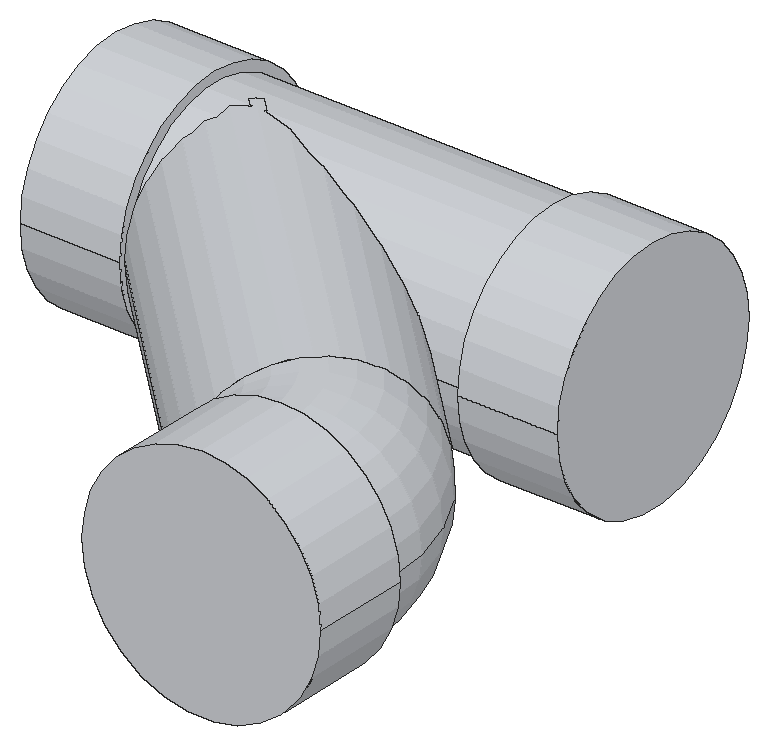
Revit family "acd59307a314497eade3ef36640dc4e2", category Pipe Fittings, Revit 2021
Family settings
  Round Connector Dimension = Use Radius
  Part Type = Tee
  OmniClass Number = 23.60.30.11.14
  OmniClass Title = Pipework Fittings
  Seek Item ID = Wye Combination with 8th Bend - PVC - Sch 40 - DWV-0000-USA-ENU
  Work Plane-Based = No
  Always vertical = Yes
  Cut with Voids When Loaded = No
  Shared = No
Parameters (values of type "Standard")
  Wall Thickness 2 [instance] = size_lookup(Lookup Table Name, "WThk", 0.02 * Nominal Diameter 2 + 33/256", Nominal Diameter 2)  # 0.281"
  Wall Thickness 1 [instance] = size_lookup(Lookup Table Name, "WThk", 0.02 * Nominal Diameter 1 + 33/256", Nominal Diameter 1)  # 0.281"
  Tick Size 2 [instance] = Fitting Outside Diameter 2 * 0.4  # 2.65"
  Tick Size 1 [instance] = Fitting Outside Diameter 1 * 0.4  # 2.65"
  Socket Outside Radius 2 [instance] = Socket Outside Diameter 2 / 2  # 3.6045"
  Socket Outside Radius 1 [instance] = Socket Outside Diameter 1 / 2  # 3.6045"
  Socket Outside Diameter 2 [instance] = Socket Entrance Diameter 2 + Wall Thickness 2 * 2  # 7.209"
  Socket Outside Diameter 1 [instance] = Socket Entrance Diameter 1 + Wall Thickness 1 * 2  # 7.209"
  Socket Entrance Diameter 2 [instance] = size_lookup(Lookup Table Name, "SED", 1.04 * Nominal Diameter 2 + 95/256", Nominal Diameter 2)  # 6.647"
  Socket Entrance Diameter 1 [instance] = size_lookup(Lookup Table Name, "SED", 1.04 * Nominal Diameter 1 + 95/256", Nominal Diameter 1)  # 6.647"
  Socket Depth 2 [instance] = size_lookup(Lookup Table Name, "SDpt", 0.5 * Nominal Diameter 2, Nominal Diameter 2)  # 3"
  Socket Depth 1 [instance] = size_lookup(Lookup Table Name, "SDpt", 0.5 * Nominal Diameter 1, Nominal Diameter 1)  # 3"
  Socket Bottom to Socket Bottom Run [instance] = size_lookup(Lookup Table Name, "SBtSBR", 3 1/2" + 0.56 * Nominal Diameter 1 + 0.68 * Nominal Diameter 2, Nominal Diameter 1, Nominal Diameter 2)  # 10.219"
  Nominal Radius 2 [instance] = 3"
  Nominal Radius 1 [instance] = 3"
  Nominal Diameter 2 [instance] = Nominal Radius 2 * 2  # 6"
  Nominal Diameter 1 [instance] = Nominal Radius 1 * 2  # 6"
  Loss Method = Not Defined
  Lookup Table Name = "Wye Combination with 8th Bend - PVC - Sch 40 - DWV"
  Length 1 [instance] = 180"  # constant formula
  Insertion Point 2 X [instance] = Center to Socket Bottom Branch * tan(90.00° - Angle 2) + Length 1  # 180"
  Insertion Point 1 X [instance] = Center to Socket Bottom Branch * tan(90.00° - Angle) + Length 1  # 180"
  Fitting Outside Radius 2 [instance] = Fitting Outside Diameter 2 / 2  # 3 5/16"
  Fitting Outside Radius 1 [instance] = Fitting Outside Diameter 1 / 2  # 3 5/16"
  Fitting Outside Diameter 2 [instance] = size_lookup(Lookup Table Name, "FOD", 1.04 * Nominal Diameter 2 + 23/64", Nominal Diameter 2)  # 6 5/8"
  Fitting Outside Diameter 1 [instance] = size_lookup(Lookup Table Name, "FOD", 1.04 * Nominal Diameter 1 + 23/64", Nominal Diameter 1)  # 6 5/8"
  Default Elevation = 0' - 0"
  Center to Socket Bottom Run [instance] = size_lookup(Lookup Table Name, "CtSBR", 1 31/64" + 0.82 * Nominal Diameter 1 + 0.76 * Nominal Diameter 2, Nominal Diameter 1, Nominal Diameter 2)  # 11.172"
  Center to Socket Bottom Branch [instance] = size_lookup(Lookup Table Name, "CtSBB", 1 147/256" + 1.02 * Nominal Diameter 1 + 0.56 * Nominal Diameter 2, Nominal Diameter 1, Nominal Diameter 2)  # 11.484"
  Center Radius [instance] = Socket Outside Radius 2 + 1/8"  # 3.7295"
  Center Point 2 Y [instance] = if(Angle 2 < 90.00°, Length 1 - Center Radius * sin(abs(90.00° - Angle 2)), if(Angle 2 = 90.00°, Length 1, Length 1 + Center Radius * sin(abs(90.00° - Angle 2))))  # 180"
  Center Point 2 X [instance] = Center Radius * cos(abs(90.00° - Angle 2))  # 3.7295"
  Center Point 1 Y [instance] = if(Angle < 90.00°, Length 1 - Center Radius * sin(abs(90.00° - Angle)), if(Angle = 90.00°, Length 1, Length 1 + Center Radius * sin(abs(90.00° - Angle))))  # 180"
  Center Point 1 X [instance] = Center Radius * cos(abs(90.00° - Angle))  # 3.7295"
  Branch Socket End Point 2 Y [instance] = Socket Depth 2 * sin(Angle 2)  # 3"
  Branch Socket End Point 2 X [instance] = Length 1 - Socket Depth 2 * cos(Angle 2)  # 180"
  Branch Length 2 Label [instance] = if(Branch Length 2 > 0", Branch Length 2, Socket Outside Radius 1 * 0.5)  # 12.51133"
  Branch Length 2 [instance] = (Center to Socket Bottom Branch - Arc End Point 2 Y) / sin(45.00°)  # 12.51133"
  Branch Length 1 Label [instance] = if(Branch Length 1 > 0", Branch Length 1, Socket Outside Radius 1 * 0.5)  # 12.51133"
  Branch Socket End Point 1 Y [instance] = Socket Depth 2 * sin(Angle)  # 3"
  Branch Socket End Point 1 X [instance] = Length 1 - Socket Depth 2 * cos(Angle)  # 180"
  Branch Length 1 [instance] = (Center to Socket Bottom Branch - Arc End Point 1 Y) / sin(45.00°)  # 12.51133"
  Arc End Point 2 Y [instance] = Center Radius * sin(45.00°) - Center Radius * sin(90.00° - Angle 2)  # 2.63715"
  Arc End Point 2 X [instance] = Center Radius * cos(90.00° - Angle 2) - Center Radius * cos(45.00°)  # 1.09235"
  Arc End Point 1 Y [instance] = Center Radius * sin(45.00°) - Center Radius * sin(90.00° - Angle)  # 2.63715"
  Arc End Point 1 X [instance] = Center Radius * cos(90.00° - Angle) - Center Radius * cos(45.00°)  # 1.09235"
  Angle 2 1 [instance] = if(Angle 2 < 90.00°, 90.00° / 2 - (90.00° - Angle 2), 90.00° / 2 + (Angle 2 - 90.00°))  # 45.00°
  Angle 1 1 [instance] = if(Angle < 90.00°, 90.00° / 2 - (90.00° - Angle), 90.00° / 2 + (Angle - 90.00°))  # 45.00°
  Angle 2 [instance] = Angle  # 90.00°
  Angle [instance] = 90.00°
Reference planes (in)
  plane 1 "Center (Front/Back)": y = 0
  plane 2: z = 0
  plane 3 "Center (Left/Right)": x = 0
  plane 4: y = -11.484
  plane 5: x = -11.172
  plane 6: x = -0.953
  plane 7: x = -14.172
  plane 8: x = 2.047
  plane 9: x = 0
  plane 10: y = -191.484
  plane 11: x = -3.7295
  plane 12: y = -11.484
  plane 13: y = -8.84685
  plane 14: x = -1.09235
  plane 15: x = 0
  plane 16: x = 180
  plane 17: y = -14.484
  plane 18: x = 0
  plane 19: y = 2.65
  plane 20: y = -2.65
  plane 21: y = 11.484
  plane 22: y = 11.484
  plane 23: y = 191.484
  plane 24: x = -3.7295
  plane 25: y = 8.84685
  plane 26: x = -1.09235
  plane 27: y = 14.484
  plane 28: x = 0
  plane 29: x = 0
  plane 30: x = 0
Forms (in)
  Sweep 1, solid, detail levels fine
    path in 3D
      loop
        line (-11.172, 0, 0) -> (-0.953, 0, 0)
    profile origin (-6.0625, 0, 0) x (0, 1, 0) y (0, 0, 1)
      loop
        circle (0, 0) r 3.3125
  Sweep 2, solid, detail levels fine
    path in 3D
      loop
        arc (0, -11.484, 0) -> (-0.28389, -10.05678, 0) -> (-1.09235, -8.84685, 0) r 3.7295
        line (-1.09235, -8.84685, 0) -> (-9.93919, 0, 0)
    profile origin (-5.51577, -4.42342, 0) x (-0.707107, -0.707107, 0) y (0, 0, 1)
      loop
        circle (0, 0) r 3.3125
  Sweep 3, solid, detail levels fine
    path in 3D
      loop
        line (-14.172, 0, 0) -> (-11.172, 0, 0)
    profile origin (-12.672, 0, 0) x (0, 1, 0) y (0, 0, 1)
      loop
        circle (0, 0) r 3.6045
  Sweep 4, solid, detail levels fine
    path in 3D
      loop
        line (-0.953, 0, 0) -> (2.047, 0, 0)
    profile origin (0.547, 0, 0) x (0, 1, 0) y (0, 0, 1)
      loop
        circle (0, 0) r 3.6045
  Sweep 5, solid, detail levels fine
    path in 3D
      loop
        line (0, -11.484, 0) -> (0, -14.484, 0)
    profile origin (0, -12.984, 0) x (1, 0, 0) y (0, 0, 1)
      loop
        circle (0, 0) r 3.6045
Cuts and joins
  joined: Sweep 1, Sweep 3, Sweep 4, Sweep 5
Lines and regions (in)
  model lines, detail levels coarse+medium
    curve 1: line (-11.172, 0, 0) -> (-0.953, 0, 0)
    curve 2: line (-14.172, 0, 0) -> (-11.172, 0, 0)
    curve 3: line (-0.953, 0, 0) -> (2.047, 0, 0)
    curve 4: arc (0, -11.484, 0) -> (-0.28389, -10.05678, 0) -> (-1.09235, -8.84685, 0) r 3.7295
    curve 5: line (-1.09235, -8.84685, 0) -> (-9.93919, 0, 0)
    curve 6: line (0, -11.484, 0) -> (0, -14.484, 0)
    curve 16: line (-14.172, 2.65, 0) -> (-14.172, -2.65, 0)
    curve 17: line (2.047, 2.65, 0) -> (2.047, -2.65, 0)
    curve 18: line (0, -14.484, 0) -> (2.65, -14.484, 0)
    curve 19: line (0, -14.484, 0) -> (-2.65, -14.484, 0)
  sketch lines
    curve 7: line (-11.172, 0, 0) -> (-0.953, 0, 0)
    curve 8: line (-1.09235, -8.84685, 0) -> (-9.93919, 0, 0)
    curve 9: arc (0, -11.484, 0) -> (-0.28389, -10.05678, 0) -> (-1.09235, -8.84685, 0) r 3.7295
    curve 10: line (-14.172, 0, 0) -> (-11.172, 0, 0)
    curve 11: line (-0.953, 0, 0) -> (2.047, 0, 0)
    curve 12: line (0, -11.484, 0) -> (0, -14.484, 0)
  reference lines
    curve 13: line (-14.172, 0, 0) -> (-11.172, 0, 0)
    curve 14: line (-0.953, 0, 0) -> (2.047, 0, 0)
    curve 15: line (0, -14.484, 0) -> (0, -13.797, 0)
    curve 20: line (0, 14.484, 0) -> (0, 13.797, 0)
Dimensions and locks (in)
  "Center to Socket Bottom Branch": plane 1 "Center (Front/Back)" to plane 4
  "Socket Bottom to Socket Bottom Run": plane 5 to plane 6
  "Socket Depth 1": plane 7 to plane 5
  "Socket Depth 1": plane 6 to plane 8
  "Center to Socket Bottom Run": plane 5 to plane 9
  "Length 1": plane 4 to plane 10
  "Center Point 1 X": plane 11 to plane 9
  "Center Point 1 Y": plane 12 to plane 10
  "Arc End Point 1 X": plane 14 to plane 9
  "Arc End Point 1 Y": plane 13 to plane 4
  "Branch Length 1 Label": curve 5 to curve 5
  "Socket Depth 2": curve 6 to curve 6
  "Length 1": plane 9 to plane 16
  "Insertion Point 1 X": plane 15 to plane 16
  "Branch Socket End Point 1 Y": plane 4 to plane 17
  "Branch Socket End Point 1 X": plane 18 to plane 16
  "Tick Size 1": plane 1 "Center (Front/Back)" to plane 19
  "Tick Size 1": plane 1 "Center (Front/Back)" to plane 20
  "Tick Size 2": curve 18 to curve 18
  "Tick Size 2": curve 19 to curve 19
  "Center to Socket Bottom Branch": plane 1 "Center (Front/Back)" to plane 21
  "Length 1": plane 21 to plane 23
  "Center Point 2 Y": plane 22 to plane 23
  "Center Point 2 X": plane 24 to plane 9
  "Arc End Point 2 Y": plane 25 to plane 21
  "Arc End Point 2 X": plane 26 to plane 9
  "Branch Socket End Point 2 Y": plane 21 to plane 27
  "Branch Socket End Point 2 X": plane 28 to plane 16
  "Insertion Point 2 X": plane 29 to plane 16
  equal spacing: plane 15, plane 30, plane 29
  locked: plane 30 to plane 3 "Center (Left/Right)"
  "Center Radius": radius of curve 4
  "Fitting Outside Radius 1": radius of Sweep 1 sketch curve
  "Fitting Outside Radius 2": radius of Sweep 2 sketch curve
  "Socket Outside Radius 1": radius of Sweep 3 sketch curve
  "Socket Outside Radius 1": radius of Sweep 4 sketch curve
  "Socket Outside Radius 2": radius of Sweep 5 sketch curve
  "Angle 1 1": angle curve 4 to curve 4
  locked: curve 5 to plane 1 "Center (Front/Back)" (angle 45.00°)
  "Angle": angle curve 6 to plane 4
  "Angle": angle curve 15 to plane 1 "Center (Front/Back)"
  locked: curve 18 to curve 15 (angle 90.00°)
  locked: curve 15 to curve 19 (angle 90.00°)
  "Angle 2": angle plane 1 "Center (Front/Back)" to curve 20
  aligned and locked: plane 7 to curve 2
  aligned and locked: plane 1 "Center (Front/Back)" to curve 2
  aligned and locked: plane 5 to curve 1
  aligned and locked: plane 6 to curve 1
  aligned and locked: plane 1 "Center (Front/Back)" to curve 1
  aligned and locked: plane 8 to curve 3
  aligned and locked: plane 1 "Center (Front/Back)" to curve 3
  aligned and locked: curve 4 to plane 11
  aligned and locked: plane 8 to curve 14
  aligned and locked: plane 1 "Center (Front/Back)" to curve 14
  aligned and locked: plane 7 to curve 13
  aligned and locked: plane 1 "Center (Front/Back)" to curve 13
  aligned and locked: Sweep 5 to curve 15
  aligned and locked: plane 18 to curve 15
  aligned and locked: plane 19 to curve 16
  aligned and locked: plane 20 to curve 16
  aligned and locked: plane 19 to curve 17
  aligned and locked: plane 20 to curve 17
  aligned and locked: curve 16 to plane 7
  aligned and locked: curve 17 to plane 8
  aligned and locked: plane 27 to curve 20
  aligned and locked: plane 28 to curve 20
  aligned and locked: plane 12 to curve 4
Automatic sketch dimensions
  curve 13 to plane 5 = 0' - 0"
  curve 14 to plane 6 = 0' - 0"
  curve 15 to plane 17 = 0' - 0"
  Sweep 1 sketch curve to profile plane = 0' - 0"  (x2)
  Sweep 2 sketch curve to profile plane = 0' - 0"
  profile plane to Sweep 2 sketch curve = 0' - 0"
  Sweep 3 sketch curve to profile plane = 0' - 0"  (x2)
  Sweep 4 sketch curve to profile plane = 0' - 0"  (x2)
  profile plane to Sweep 5 sketch curve = 0' - 0"
  Sweep 5 sketch curve to profile plane = 0' - 0"
Connectors (in)
  piping at (-14.172, 0, 0), diameter 6, driven by "Nominal Radius 1"
    settings: on cut or joined group of Sweep 1, Sweep 3, Sweep 4, Sweep 5, index 1, connector inside diameter 1 1/2", connector length 0' - 0", flow factor 0, pipe flow 0 GPM, pressure drop 0.00 psi, fitting loss kfactor 0, connector angle 0.00°, fixture units 0, engagement length 0' - 0", angle of deflection 0.00°, flow configuration 0, flow direction 0, fitting loss method 0, system type 28, joint type 0, gender type 0, connector reference index 2, connector utility 0, adjustable connector no, is connector primary yes, connector description ""
  piping at (2.047, 0, 0), diameter 6, driven by "Nominal Radius 1"
    settings: on cut or joined group of Sweep 1, Sweep 3, Sweep 4, Sweep 5, index 2, connector inside diameter 1 1/2", connector length 0' - 0", flow factor 0, pipe flow 0 GPM, pressure drop 0.00 psi, fitting loss kfactor 0, connector angle 0.00°, fixture units 0, engagement length 0' - 0", angle of deflection 0.00°, flow configuration 0, flow direction 0, fitting loss method 0, system type 28, joint type 0, gender type 0, connector reference index 1, connector utility 0, adjustable connector no, is connector primary no, connector description ""
  piping at (0, -14.484, 0), diameter 6, driven by "Nominal Radius 2", driven by "Angle"
    settings: on cut or joined group of Sweep 1, Sweep 3, Sweep 4, Sweep 5, index 3, connector inside diameter 1 1/2", connector length 0' - 0", flow factor 0, pipe flow 0 GPM, pressure drop 0.00 psi, fitting loss kfactor 0, connector angle 90.00°, fixture units 0, engagement length 0' - 0", angle of deflection 0.00°, flow configuration 0, flow direction 0, fitting loss method 0, system type 28, joint type 0, gender type 0, connector reference index -1, connector utility 0, adjustable connector no, is connector primary no, connector description ""
